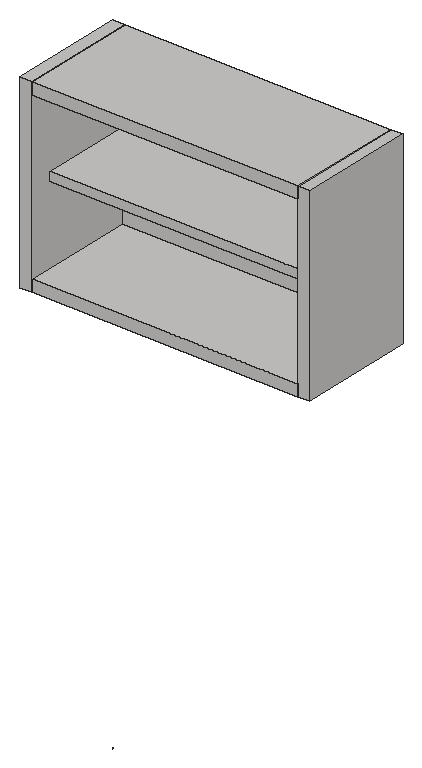
Revit family "QF_ZANUSSI_133256_PA1000LCN", category Attrezzature speciali, Revit 2020
Family settings
  Quota connettore circolare = Usa diametro
  Tipo di parte = Normale
  Basato su piano di lavoro = No
  Sempre verticale = Sì
  Taglio con vuoti quando caricato = No
  Condiviso = No
  Punto di calcolo locali = No
Parameters (values of type "Standard")
  Weight = 19.00 kg
  Watts = 0 W
  Volts = 0 V
  URL Manufacturer = "http://www.zanussiprofessional.com"
  URL = "http://www.zanussiprofessional.com"
  Steam Supply Size = 0 mm
  Steam Supply Minimum Pressure = 0.0 Pa
  Steam Supply Maximum Pressure = 0.0 Pa
  Steam Consumption per Hour = 0
  Refrigeration Suction Line Size = 0.0 mm
  Refrigeration Liquid Line Size = 0.0 mm
  Refrigerant Compressor Remote = yes
  Prospetto di default = 0.0 mm
  Phase = 0
  Modello = "PA1000LCN"
  Produttore = "Zanussi"
  Length Actual = 1000.0 mm  # constant formula
  Item Number = "133256"
  Hot Water Size = 0 mm
  Height Actual = 650.0 mm  # constant formula
  HP = "0 HP"
  Gas Size = 0 mm
  Gas KW = 0
  Gas Input Pressure = 0 W
  Direct Waste Size = 0 mm
  Descrizione = "OPEN WALL CUPBOARD 1000 MM"
  Depth Actual = 400.0 mm  # constant formula
  Cycle = 0 Hz
  Condensate Return Size = 0 mm
  Compressed Air Volume = 0.0 L/s
  Compressed Air Size = 0 mm
  Compressed Air Pressure = 0.0 Pa
  Cold Water Size = 0 mm
  Accessory = yes
Reference planes
  plane 1 "Center (Front/Back)": y = 0
  plane 2: z = 0
  plane 3 "Center (Left/Right)": x = -300
  plane 4 "LEFT": x = -800
  plane 5 "RIGHT": x = 200
  plane 6 "BACK": y = 200
  plane 7 "FRONT": y = -200
  plane 8 "Base": z = 2250
  plane 9 "BASE": z = 1600
  plane 10: x = -760
  plane 11: x = 160
  plane 12: y = -197
  plane 13: y = 150
  plane 14: y = 190
  plane 15 "Ripiano": z = 1910
  plane 16: z = 1940
Forms (mm)
  Extrusion 1, solid, material "QF_Finishes_Stainless Steel"
    sketch origin (0, 0, 1600) x (-1, 0, 0) y (0, -1, 0)
      loop
        line (800, -200) -> (800, 200) -> (760, 200) -> (760, -200) -> (800, -200)
      loop
        line (-160, -200) -> (-160, 200) -> (-200, 200) -> (-200, -200) -> (-160, -200)
    from 0 to 650
  Extrusion 2, solid, material "QF_Finishes_Stainless Steel"
    sketch origin (0, 0, 1600) x (-1, 0, 0) y (0, -1, 0)
      loop
        line (760, -200) -> (760, 200) -> (-160, 200) -> (-160, -200) -> (760, -200)
    from 0 to 40
  Extrusion 3, solid, material "QF_Finishes_Stainless Steel"
    sketch origin (0, 0, 0) x (1, 0, 0) y (0, 1, 0)
      loop
        line (-760, -200) -> (160, -200) -> (160, 200) -> (-760, 200) -> (-760, -200)
    from 2210 to 2250
  Extrusion 4, solid, material "QF_Finishes_Stainless Steel"
    sketch origin (0, 0, 0) x (1, 0, 0) y (0, 1, 0)
      loop
        line (-800, 200) -> (-800, 199) -> (-799, 199) -> (-799, 200) -> (-800, 200)
    from 0 to 1
  Extrusion 5, solid, material "QF_Finishes_Stainless Steel"
    sketch origin (0, 0, 1910) x (-1, 0, 0) y (0, -1, 0)
      loop
        line (760, -190) -> (760, 124.1) -> (-160, 124.1) -> (-160, -190) -> (760, -190)
    from 0 to 30
  Extrusion 6, solid, material "QF_Finishes_Stainless Steel"
    sketch origin (0, 0, 1910) x (-1, 0, 0) y (0, -1, 0)
      loop
        line (760, -200) -> (760, -190) -> (-160, -190) -> (-160, -200) -> (760, -200)
    from -270 to 300
Lines and regions (mm)
  symbolic lines
    curve 1: line (200, 200, 0) -> (-800, -200, 0)
    curve 2: line (-800, 200, 0) -> (200, 200, 0)
    curve 3: line (-800, -200, 0) -> (-800, 200, 0)
    curve 4: line (200, -200, 0) -> (-800, -200, 0)
    curve 5: line (200, 200, 0) -> (200, -200, 0)
  symbolic lines, style "SpecialityEquipmentHiddenLines"
    curve 6: line (-760, -124.1, 1910) -> (160, -124.1, 1910)
    curve 7: line (160, -200, 1910) -> (160, 190, 1910)
    curve 8: line (160, 190, 1910) -> (-760, 190, 1910)
    curve 9: line (-760, 190, 1910) -> (-760, -200, 1910)
Dimensions and locks
  plane 4 "LEFT" to plane 5 "RIGHT" = 1000.0 mm
  equal spacing: plane 4 "LEFT", plane 3 "Center (Left/Right)", plane 5 "RIGHT"
  plane 6 "BACK" to plane 7 "FRONT" = 400.0 mm
  equal spacing: plane 6 "BACK", plane 1 "Center (Front/Back)", plane 7 "FRONT"
  plane 9 "BASE" to level = 1600.0 mm
  locked: plane 4 "LEFT" to plane 10 at 40
  locked: plane 11 to plane 5 "RIGHT" at 40
  plane 12 to plane 7 "FRONT" = 3.0 mm
  plane 6 "BACK" to plane 13 = 50.0 mm
  locked: plane 8 "Base" to plane 9 "BASE" at 650
  locked: plane 15 "Ripiano" to plane 9 "BASE" at 310
  locked: plane 16 to plane 15 "Ripiano" at 30
  aligned and locked: level to plane 2
  aligned and locked: plane 8 "Base" to Extrusion 1
  aligned and locked: plane 6 "BACK" to Extrusion 1 sketch curve
  aligned and locked: Extrusion 1 sketch curve to plane 6 "BACK"
  aligned and locked: plane 7 "FRONT" to Extrusion 1 sketch curve
  aligned and locked: Extrusion 1 sketch curve to plane 7 "FRONT"
  aligned and locked: plane 10 to Extrusion 1
  aligned and locked: Extrusion 1 to plane 11
  aligned and locked: Extrusion 2 to plane 10
  aligned and locked: plane 11 to Extrusion 2
  aligned and locked: plane 8 "Base" to Extrusion 3
  aligned and locked: Extrusion 3 to plane 7 "FRONT"
  aligned and locked: Extrusion 2 to plane 7 "FRONT"
Automatic sketch dimensions
  Extrusion 1 sketch curve to plane 5 "RIGHT" = 0.0 mm
  Extrusion 1 sketch curve to plane 11 = 0.0 mm
  Extrusion 1 sketch curve to plane 10 = 0.0 mm
  Extrusion 1 sketch curve to plane 4 "LEFT" = 0.0 mm
  Extrusion 2 sketch curve to plane 11 = 0.0 mm
  Extrusion 2 sketch curve to plane 10 = 0.0 mm
  Extrusion 2 sketch curve to plane 13 = 50.0 mm
  Extrusion 2 sketch curve to plane 12 = 3.0 mm
  Extrusion 3 sketch curve to plane 10 = 0.0 mm
  Extrusion 3 sketch curve to plane 11 = 0.0 mm
  Extrusion 3 sketch curve to plane 12 = 3.0 mm
  Extrusion 3 sketch curve to plane 14 = 10.0 mm
  Extrusion 4 sketch curve to plane 6 "BACK" = 0.0 mm
  Extrusion 4 sketch curve to plane 4 "LEFT" = 0.0 mm
  plane 4 "LEFT" to Extrusion 4 sketch curve = 1.0 mm
  Extrusion 4 sketch curve to plane 6 "BACK" = 1.0 mm
  curve 4 to plane 4 "LEFT" = 0.0 mm
  curve 5 to plane 5 "RIGHT" = 0.0 mm
  Extrusion 5 sketch curve to plane 11 = 0.0 mm
  Extrusion 5 sketch curve to plane 10 = 0.0 mm
  plane 14 to Extrusion 5 sketch curve = 0.0 mm
  plane 12 to Extrusion 5 sketch curve = 72.9 mm
  Extrusion 6 sketch curve to plane 6 "BACK" = 0.0 mm
  Extrusion 6 sketch curve to plane 11 = 0.0 mm
  Extrusion 6 sketch curve to plane 10 = 0.0 mm
  plane 14 to Extrusion 6 sketch curve = 0.0 mm
  curve 1 to plane 7 "FRONT" = 0.0 mm
  curve 3 to plane 6 "BACK" = 0.0 mm
  curve 6 to plane 11 = 0.0 mm
  curve 6 to plane 10 = 0.0 mm
  plane 14 to curve 9 = 0.0 mm
  curve 9 to plane 7 "FRONT" = 0.0 mm
  curve 7 to plane 7 "FRONT" = 0.0 mm
  plane 12 to curve 6 = 72.9 mm
